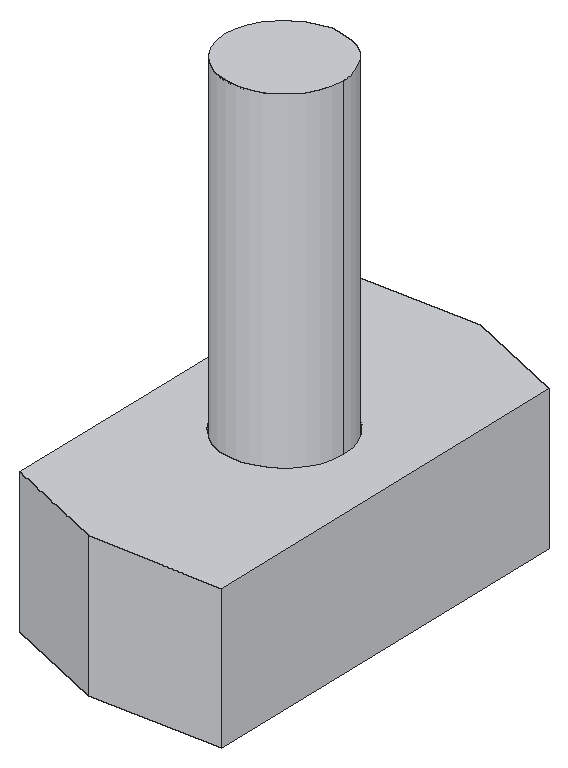
Revit family "Zahnbolzen", category HLS-Bauteile, Revit 2017
Family settings
  Bemaßung runder Anschluss = Durchmesser verwenden
  Teiletyp = Normal
  Arbeitsebenenbasiert = Ja
  Immer vertikal = Nein
  Beim Laden mit Abzugskörper schneiden = Nein
  Gemeinsam genutzt = Ja
  Raumberechnungspunkt = Nein
Parameters (values of type "Zahnbolzen M12")
  vpe = "100 St"
  Zahnplatte = MEFA Zahnplatte S : MEFA Zahnplatte S M12
  Default Elevation = 1219.2 mm
  Stärke Material = 0 mm
  Schienenbreite = ""
  Regelhalter [instance] = ""
  Profiltyp = "45"
  Profil = ""
  Plattentyp = ""
  Oberflaeche = "galvanisch verzinkt"
  Mengeneinheit = "St"
  Materialname = "S235"
  Material = "Stahl"
  Länge = 0 mm
  Kurztext2 = "M12 x 22,5 mm"
  Kurztext1 = "Zahnbolzen C-Profil 45"
  Gewindestift = Gewindestifte : Gewindestift M12x40
  Gewinde = "M12"
  Gewicht pro Bauteil = Gewicht  # 0.0846 kg
  Gewicht = 0.0846 kg
  Form = ""
  Firma = "MEFA Befestigungs- und Montagesysteme GmbH"
  Fabrikat = "MEFA"
  EAN = "4250928420534"
  Deckentyp = ""
  Breite = 0 mm
  Artikelnummer = "0816952"
  Anzugsmoment = 0 N·m
  Abmessung = "M12 x 22,5 mm"
Types (4, lengths in mm): name | Zahnplatte | Kurztext2 | Gewindestift | Gewinde | Gewicht pro Bauteil | Gewicht | EAN | Artikelnummer | Abmessung
  (no name) | MEFA Zahnplatte S : MEFA Zahnplatte S M12 | "M12 x 22,5 mm" | Gewindestifte : Gewindestift M12x40 | "M12" | 0.0846 kg | 0.0846 kg | "4250928420534" | "0816952" | "M12 x 22,5 mm"
  Zahnbolzen M 8 | MEFA Zahnplatte S : MEFA Zahnplatte S M 8 | "M8 x 17,5 mm" | Gewindestifte : Gewindestift M8x35 | "M8" | 0.0713 kg | 0.0713 kg | "4250928420510" | "0816936" | "M8 x 17,5 mm"
  Zahnbolzen M10 | MEFA Zahnplatte S : MEFA Zahnplatte S M10 | "M10 x 19,5 mm" | Gewindestifte : Gewindestift M10x35 | "M10" | 0.0755 kg | 0.0755 kg | "4250928449177" | "0816944" | "M10 x 19,5 mm"
  Zahnbolzen M12 | MEFA Zahnplatte S : MEFA Zahnplatte S M12 | "M12 x 22,5 mm" | Gewindestifte : Gewindestift M12x40 | "M12" | 0.0846 kg | 0.0846 kg | "4250928420534" | "0816952" | "M12 x 22,5 mm"
Reference planes
  plane 1 "Mitte (Vorne/hinten)": y = 0
  plane 2: z = 0
  plane 3 "Mitte (Links/rechts)": x = 0
Dimensions and locks
  aligned and locked: level to plane 2
Nested families
  nested 1: "MEFA Zahnplatte S" at (0, 0, 1), type <- "Zahnplatte", type "MEFA Zahnplatte S M12"
  nested 2: "Gewindestifte" at (0, 0, 0), type <- "Gewindestift", type "Gewindestift M12x40"
Definition of nested family "MEFA Zahnplatte S"
  Parameters (values of type "MEFA Zahnplatte S M10")
    vpe = "100 St"
    max. zul. Last = 0
    d2 = 4.2 mm
    Default Elevation = 1219.2 mm
    Stärke Material = 8 mm
    Schienenbreite = "45 mm"
    S = 12 mm
    Regelhalter [instance] = ""
    Rabattgruppe = ""
    Profiltyp = "45"
    Profil = "C-Profil"
    Preiseinheit = 0
    Plattentyp = ""
    Oberfläche = ""
    Oberflaeche = "galvanisch verzinkt"
    Mengeneinheiten = ""
    Mengeneinheit = "St"
    Materialname = "S235"
    Material = "Stahl"
    Länge = 36 mm
    Kurztext2 = "M10 36 x 20 mm gvz"
    Kurztext1 = "Zahnplatte S"
    Gewinde = "M10"
    Gewicht = 0.0578
    Form = "einschwenkbar"
    Firma = "MEFA Befestigungs- und Montagesysteme GmbH"
    Fabrikat = "MEFA"
    EAN = "4250928420572"
    Deckentyp = ""
    Breite = 20 mm
    B = 38 mm
    Artikelnummer = "0818102"
    Anzugsmoment = 0
    Abmessung = "36 x 20 x 8 mm"
  Types (3, lengths in mm): name | d2 | Kurztext2 | Gewinde | Gewicht | EAN | Artikelnummer
    MEFA Zahnplatte S M10 | 4.2 | "M10 36 x 20 mm gvz" | "M10" | 0.0578 | "4250928420572" | "0818102"
    MEFA Zahnplatte S M 8 | 3.3 | "M8 36 x 20 mm gvz" | "M8" | 0.06 | "4250928449108" | "0818101"
    MEFA Zahnplatte S M12 | 5.1 | "M12 36 x 20 mm gvz" | "M12" | 0.0554 | "4250928449122" | "0818103"
  Reference planes
    plane 1 "Mitte (Vorne/hinten)": y = 0
    plane 2: z = 0
    plane 3 "Mitte (Links/rechts)": x = 0
    plane 4: z = 11
  Forms (mm)
    Extrusion 1, solid
      sketch origin (-17.5, 0, 0) x (1, 0, 0) y (0, 1, 0)
        loop
          line (18.7, 19) -> (7.5, 19) -> (7.5, 0) -> (7.5, -15.155) -> (16.3, -19) -> (27.5, -19) -> (27.5, 15.155) -> (18.7, 19)
      from -1 to 11
    Extrusion 2, void
      sketch origin (0, 0, 0) x (1, 0, 0) y (0, 1, 0)
        loop
          circle (0, 0) r 4.2
      from -50 to 50
  Cuts and joins
    Extrusion 2 cuts Extrusion 1
  Dimensions and locks
    "B": Extrusion 1 sketch curve to Extrusion 1 sketch curve
    equal spacing: cut or joined group of Extrusion 1, Extrusion 2, plane 1 "Mitte (Vorne/hinten)", cut or joined group of Extrusion 1, Extrusion 2
    "S": cut or joined group of Extrusion 1, Extrusion 2 to cut or joined group of Extrusion 1, Extrusion 2
    "d2": radius of Extrusion 2 sketch curve
    aligned and locked: level to plane 2
    aligned and locked: plane 4 to cut or joined group of Extrusion 1, Extrusion 2
  Automatic sketch dimensions
    plane 1 "Mitte (Vorne/hinten)" to Extrusion 1 sketch curve = 0 mm
    Extrusion 1 sketch curve to plane 3 "Mitte (Links/rechts)" = 10 mm
    Extrusion 1 sketch curve to plane 3 "Mitte (Links/rechts)" = 1.2 mm
    plane 3 "Mitte (Links/rechts)" to Extrusion 1 sketch curve = 1.2 mm
    Extrusion 1 sketch curve to Extrusion 1 sketch curve = 8.8 mm
    plane 1 "Mitte (Vorne/hinten)" to Extrusion 1 sketch curve = 15.155 mm
    plane 1 "Mitte (Vorne/hinten)" to Extrusion 1 sketch curve = 19 mm
    Extrusion 1 sketch curve to Extrusion 1 sketch curve = 3.845 mm
    plane 1 "Mitte (Vorne/hinten)" to Extrusion 2 sketch curve = 0 mm
    Extrusion 2 sketch curve to plane 3 "Mitte (Links/rechts)" = 0 mm
Definition of nested family "Gewindestifte"
  Parameters (values of type "Gewindestift M12x50")
    Regelhalter [instance] = ""
    Länge = 50 mm
    Firma = "MEFA Befestigungs- und Montagesysteme GmbH"
    D = 9.9 mm
    Artikelnummer = "0731250"
  Types (29, lengths in mm): name | Länge | D | Artikelnummer
    Gewindestift M8x20 | 20 | 6.5 | "0730815"
    Gewindestift M8x30 | 30 | 6.5 | "0730823"
    Gewindestift M8x35 | 35 | 6.5 | "0731358"
    Gewindestift M8x40 | 40 | 6.5 | "0730831"
    Gewindestift M8x50 | 50 | 6.5 | "0730858"
    Gewindestift M8x70 | 70 | 6.5 | "0730874"
    Gewindestift M8x90 | 90 | 6.5 | "0730890"
    Gewindestift M8x110 | 110 | 6.5 | "0730912"
    Gewindestift M8x140 | 140 | 6.5 | "0730940"
    Gewindestift M8x160 | 160 | 6.5 | "0730963"
    Gewindestift M10x20 | 20 | 8.2 | "0731021"
    Gewindestift M10x25 | 25 | 8.2 | "0731032"
    Gewindestift M10x30 | 30 | 8.2 | "0731048"
    Gewindestift M10x35 | 35 | 8.2 | "0733350"
    Gewindestift M10x40 | 40 | 8.2 | "0731056"
    Gewindestift M10x50 | 50 | 8.2 | "0731064"
    Gewindestift M10x70 | 70 | 8.2 | "0731072"
    Gewindestift M10x90 | 90 | 8.2 | "0731099"
    Gewindestift M10x110 | 110 | 8.2 | "0731110"
    Gewindestift M12x35 | 35 | 9.9 | "0731234"
    Gewindestift M12x50 | 50 | 9.9 | "0731250"
    Gewindestift M12x70 | 70 | 9.9 | "0731269"
    Gewindestift M12x90 | 90 | 9.9 | "0731293"
    Gewindestift M12x110 | 110 | 9.9 | "0731315"
    Gewindestift M16x70 | 70 | 13.6 | "0731672"
    Gewindestift M16x110 | 110 | 13.6 | "0731715"
    Gewindestift M16x160 | 160 | 13.6 | "0731763"
    Gewindestift M8x25 | 25 | 6.5 | "0730810"
    Gewindestift M12x40 | 40 | 9.9 | ""
  Reference planes
    plane 1 "Mitte (Vorne/hinten)": y = 0
    plane 2: z = 0
    plane 3 "Mitte (Links/rechts)": x = 0
    plane 4: z = 50
  Forms (mm)
    Extrusion 1, solid
      sketch origin (0, 0, 0) x (1, 0, 0) y (0, 1, 0)
        loop
          circle (0, 0) r 4.95
      from 0 to 50
  Lines and regions (mm)
    model lines, not visible
      curve 1: line (9.299, 0, 50) -> (-10.701, 0, 50)
      curve 2: line (0, 15.717, 50) -> (0, -4.283, 50)
      curve 3: line (0, 10.717, 0) -> (0, -9.283, 0)
      curve 4: line (6.799, 0, 0) -> (-13.201, 0, 0)
      curve 5: line (0, 0, 117.337) -> (0, 0, -112.663)
  Dimensions and locks
    "Länge": level to plane 4
    "D": diameter of Extrusion 1 sketch curve
    aligned and locked: level to plane 2
    aligned and locked: Extrusion 1 to level
    aligned and locked: Extrusion 1 to curve 1
    aligned and locked: plane 4 to Extrusion 1
    aligned and locked: curve 2 to plane 4
    aligned and locked: curve 3 to level
    aligned and locked: curve 4 to level
    aligned and locked: plane 3 "Mitte (Links/rechts)" to curve 5
    aligned and locked: curve 5 to plane 1 "Mitte (Vorne/hinten)"
  Automatic sketch dimensions
    plane 1 "Mitte (Vorne/hinten)" to curve 2 = 4.283 mm
    plane 1 "Mitte (Vorne/hinten)" to curve 3 = 9.283 mm
    curve 3 to plane 1 "Mitte (Vorne/hinten)" = 10.717 mm
    curve 2 to plane 1 "Mitte (Vorne/hinten)" = 15.717 mm
    curve 4 to plane 3 "Mitte (Links/rechts)" = 13.201 mm
    curve 1 to plane 3 "Mitte (Links/rechts)" = 10.701 mm
    plane 3 "Mitte (Links/rechts)" to curve 4 = 6.799 mm
    plane 3 "Mitte (Links/rechts)" to curve 1 = 9.299 mm
    curve 5 to level = 112.663 mm
    plane 4 to curve 5 = 67.337 mm
    plane 1 "Mitte (Vorne/hinten)" to Extrusion 1 sketch curve = 0 mm
    Extrusion 1 sketch curve to plane 3 "Mitte (Links/rechts)" = 0 mm
